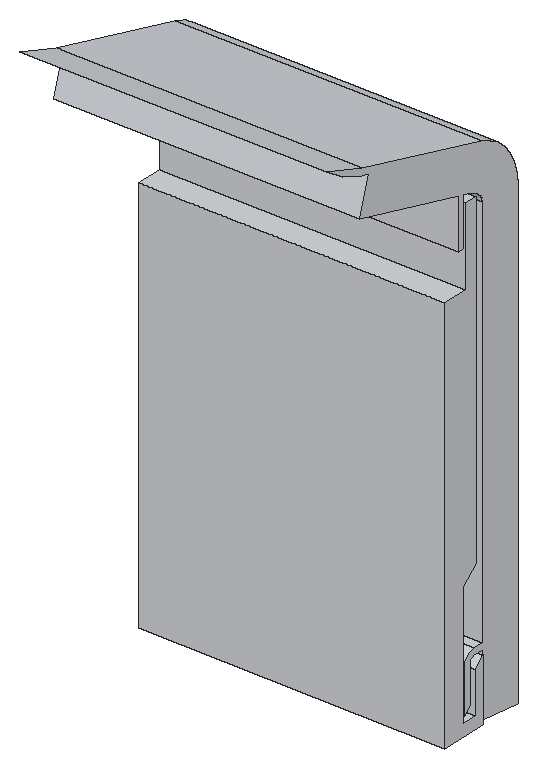
Revit family "HansWeitzel_2088", category Allgemeines Modell, Revit 2017
Family settings
  Basisbauteil = Wand
  Kann Basisbauteil für Bewehrung sein = Nein
  Bemaßung runder Anschluss = Durchmesser verwenden
  Teiletyp = Normal
  Immer vertikal = Ja
  Beim Laden mit Abzugskörper schneiden = Nein
  Gemeinsam genutzt = Nein
  Raumberechnungspunkt = Nein
Parameters (values of type "Type 1")
  max. Betriebstemperatur (°C) = 90
  Werkstoff = "Acryl"
  Wandmontage möglich = yes
  Typname = "HZ-Stoßverbinder SLF Weiß"
  Tiefe (mm) = 30
  Profilart = "Anschlussprofi"
  Menge pro Verpackungseinheit = 10
  Length3 = 50 mm
  Length2 = 50 mm
  Length1 = 50 mm
  Ist Zubehör = no
  Ist System = no
  Höhe [mm] = 97
  Hersteller = "Hans Weitzel GmbH & Co. KG"
  HeinzeBIM = "https://www.heinze.de/bim/hz-stossverbinder-slf-weiss/6032d2f231a517cbe42a8091354c7285c1abf750"
  HAN = "2088"
  Gewicht unverpackt (netto) [kg] = 0.008
  GTIN = "4022023220513"
  Farbton = "weiß"
  Dekor = "Weiß"
  Breite [mm] = 45
  Beschreibung = "HZ-Stoßverbinder SLF Weiß f. HZ-Sockelleiste SLF /Plus m. SCH2158"
  BIMSITE_PRODUCT_ID = "6032d2f231a517cbe42a8091354c7285c1abf750"
  BIM = "https://media.live.bim.site/t/eyJhbGciOiJIUzI1NiIsInR5cCI6IkpXVCJ9.eyJjdCI6MSwidGYiOiJwdWJsaWMvaGFucy13ZWl0emVsLWdtYmgtY28ta2cvMjI1MGEyZS9IWl9TTEZfU3Rvc3N2ZXJiaW5kZXIucmZhIiwiY2lkIjoiZmVkOThlOWEtMWJkOC00YzY4LWE3M2ItNzRhOTRlMzE1ODIzIiwicmlkIjoiZDZiM2RlMmQwYmMwNmJkYmY0MjRlOWMxN2ZmYTNjMjMiLCJwaWQiOiI2MDMyZDJmMjMxYTUxN2NiZTQyYTgwOTEzNTRjNzI4NWMxYWJmNzUwIiwic2lkIjoiNjM1NTgiLCJ1dCI6NSwibGMiOiJkZSIsImlhdCI6MTU4MDEyMzMyMSwiaXNzIjoiaHR0cHM6Ly9hcGkubGl2ZS5iaW0uc2l0ZSIsInN1YiI6ImY1ODZjNGI2LWE1MDgtNDI3YS05ODE4LTEzMTc5NjY1NzZiYyJ9.5IlSIVvUqgott2_Y7i_SYOw-l69BSQmyW8sRsiaCSoc/HZ_SLF_Stossverbinder.rfa"
Reference planes
  plane 1 "Wall": y = 0
  plane 2 "Center (Left/Right)": x = 125
  plane 3 "Back": y = 75
Text (mm)
  text "Placement side" at (0, 1409.804, 2854.306), in view "Left"
  text "Placement side" at (0, 499.811, 2980.732), in view "Right"
Dimensions and locks
  locked: plane 3 "Back" to host wall
  aligned and locked: plane 1 "Wall" to host wall
  aligned and locked: nested 1 to plane 3 "Back"
  aligned and locked: nested 2 to plane 3 "Back"
  aligned and locked: nested 2 to plane 2 "Center (Left/Right)"
  aligned and locked: nested 1 to plane 2 "Center (Left/Right)"
Nested families
  nested 1: "HZ_SLF_Part2" at (125, 75, 0) x (-1, 0, 0) z (0, 0, 1), type "HZ_SLF_Part2"
    with Length2 50 mm
  nested 2: "HZ_SLF_Profil" at (125, 75, 0) x (-1, 0, 0) z (0, 0, 1), type "HZ_SLF_Profil"
Definition of nested family "HZ_SLF_Part2"
  Parameters
    Length2 = 400 mm
  Reference planes
    plane 1 "Center (Front/Back)": y = 0
    plane 2: z = 0
    plane 3 "Center (Left/Right)": x = 0
    plane 4: z = 78
  Forms (mm)
    Extrusion 1, solid, detail levels fine
      sketch origin (0, 0, 0) x (0, 1, 0) y (0, 0, 1)
        loop
          line (-28, 65.25) -> (-28, 78) -> (-30, 78) -> (-30, 24.25) -> (-27.5, 22) -> (-27.5, 2) -> (-30, 2) -> (-30, 8.75) -> (-31.5, 10.25) -> (-31.5, 0) -> (-23.75, 0) -> (-23.75, 65.25) -> (-28, 65.25)
      from -200 to 200
    Extrusion 2, solid, detail levels medium
      sketch origin (0, 0, 0) x (0, 1, 0) y (0, 0, 1)
        loop
          line (-28, 65.25) -> (-28, 78) -> (-30, 78) -> (-30, 22) -> (-27.5, 22) -> (-27.5, 2) -> (-30, 2) -> (-30, 8.75) -> (-31.5, 8.75) -> (-31.5, 0) -> (-23.75, 0) -> (-23.75, 65.25) -> (-28, 65.25)
      from -200 to 200
    Extrusion 3, solid, detail levels coarse
      sketch origin (0, 0, 0) x (0, 1, 0) y (0, 0, 1)
        loop
          line (-31.5, 78) -> (-31.5, 0) -> (-23.75, 0) -> (-23.75, 78) -> (-31.5, 78)
      from -200 to 200
  Dimensions and locks
    equal spacing: Extrusion 1, plane 3 "Center (Left/Right)", Extrusion 1
    "Length2": Extrusion 1 to Extrusion 1
    aligned and locked: level to plane 2
    aligned and locked: Extrusion 3 to Extrusion 1  (x2)
    aligned and locked: Extrusion 2 to Extrusion 3  (x2)
  Automatic sketch dimensions
    Extrusion 1 sketch curve to level = 0 mm
    level to Extrusion 1 sketch curve = 10.25 mm
    plane 1 "Center (Front/Back)" to Extrusion 1 sketch curve = 31.5 mm
    Extrusion 1 sketch curve to Extrusion 1 sketch curve = 1.5 mm  (x2)
    level to Extrusion 1 sketch curve = 8.75 mm
    Extrusion 1 sketch curve to Extrusion 1 sketch curve = 2 mm
    Extrusion 1 sketch curve to Extrusion 1 sketch curve = 2.5 mm
    Extrusion 1 sketch curve to Extrusion 1 sketch curve = 4.25 mm
    level to Extrusion 1 sketch curve = 2 mm
    Extrusion 1 sketch curve to Extrusion 1 sketch curve = 11.75 mm
    Extrusion 1 sketch curve to Extrusion 1 sketch curve = 2.25 mm
    Extrusion 1 sketch curve to Extrusion 1 sketch curve = 41 mm
    Extrusion 1 sketch curve to Extrusion 1 sketch curve = 12.75 mm
    Extrusion 2 sketch curve to level = 0 mm
    plane 1 "Center (Front/Back)" to Extrusion 2 sketch curve = 31.5 mm
    Extrusion 2 sketch curve to Extrusion 2 sketch curve = 1.5 mm
    Extrusion 2 sketch curve to Extrusion 2 sketch curve = 2 mm
    Extrusion 2 sketch curve to Extrusion 2 sketch curve = 4.25 mm
    level to Extrusion 2 sketch curve = 2 mm
    Extrusion 2 sketch curve to Extrusion 2 sketch curve = 12.75 mm
    Extrusion 2 sketch curve to Extrusion 2 sketch curve = 2.5 mm
    Extrusion 2 sketch curve to Extrusion 2 sketch curve = 43.25 mm
    Extrusion 2 sketch curve to Extrusion 2 sketch curve = 0 mm
    Extrusion 2 sketch curve to Extrusion 2 sketch curve = 6.75 mm
    Extrusion 2 sketch curve to Extrusion 2 sketch curve = 13.25 mm
    Extrusion 3 sketch curve to level = 0 mm
    Extrusion 3 sketch curve to Extrusion 3 sketch curve = 7.75 mm
    plane 1 "Center (Front/Back)" to Extrusion 3 sketch curve = 31.5 mm
    level to Extrusion 3 sketch curve = 78 mm
Definition of nested family "HZ_SLF_Profil"
  Parameters
    Length3 = 50 mm
  Reference planes
    plane 1 "Center (Front/Back)": y = 0
    plane 2: z = 0
    plane 3 "Center (Left/Right)": x = 0
    plane 4: z = 95
  Forms (mm)
    Extrusion 1, solid, detail levels fine
      sketch origin (0, 0, 0) x (0, 1, 0) y (0, 0, 1)
        loop
          line (-38.561, 76.002) -> (-38.561, 0) -> (-31.5, 0.791) -> (-31.5, 11) -> (-29.75, 11)
          arc (-29.75, 11) -> (-29.043, 10.707) -> (-28.75, 10) r 1
          line (-28.75, 10) -> (-28.75, 4) -> (-27.75, 3) -> (-27.75, 10)
          arc (-27.75, 10) -> (-28.336, 11.414) -> (-29.75, 12) r 2
          line (-29.75, 12) -> (-31.5, 12) -> (-31.5, 76.545)
          arc (-31.5, 76.545) -> (-30.751, 77.994) -> (-29.355, 78.837) r 3
          line (-29.355, 78.837) -> (-27.5, 79.347) -> (-27.5, 71.5) -> (-26.5, 71.5) -> (-26.5, 79.621) -> (-6.471, 85.123) -> (-8.262, 90.853) -> (-6.8, 91.255)
          arc (-6.8, 91.255) -> (-2.978, 92.748) -> (0.452, 95) r 19.703
          arc (0.452, 95) -> (-3.246, 93.447) -> (-7.065, 92.219) r 46.507
          line (-7.065, 92.219) -> (-31.209, 85.587)
          arc (-31.209, 85.587) -> (-36.496, 82.03) -> (-38.561, 76.002) r 10
      from -25 to 25
    Extrusion 2, solid, detail levels medium
      sketch origin (0, 0, 0) x (0, 1, 0) y (0, 0, 1)
        loop
          line (-7.065, 92.219) -> (-31.209, 85.587)
          arc (-31.209, 85.587) -> (-36.496, 82.03) -> (-38.561, 76.002) r 10
          line (-38.561, 76.002) -> (-38.561, 0) -> (-31.5, 0.791) -> (-31.5, 11) -> (-28.75, 11) -> (-28.75, 3) -> (-27.75, 3) -> (-27.75, 12) -> (-31.5, 12) -> (-31.5, 76.545)
          arc (-31.5, 76.545) -> (-30.751, 77.994) -> (-29.355, 78.837) r 3
          line (-29.355, 78.837) -> (-27.5, 79.347) -> (-27.5, 71.5) -> (-26.5, 71.5) -> (-26.5, 79.621) -> (-6.471, 85.123) -> (0.452, 95)
          arc (0.452, 95) -> (-3.246, 93.447) -> (-7.065, 92.219) r 46.507
      from -25 to 25
    Extrusion 3, solid, detail levels coarse
      sketch origin (0, 0, 0) x (0, 1, 0) y (0, 0, 1)
        loop
          line (-38.561, 0) -> (0.452, 0) -> (0.452, 95) -> (-38.561, 95) -> (-38.561, 0)
      from -25 to 25
  Dimensions and locks
    equal spacing: Extrusion 3, plane 3 "Center (Left/Right)", Extrusion 3
    "Length3": Extrusion 3 to Extrusion 3
    aligned and locked: level to plane 2
    aligned and locked: Extrusion 1 to Extrusion 3
    aligned and locked: Extrusion 2 to Extrusion 3
    aligned and locked: Extrusion 3 to Extrusion 1
    aligned and locked: Extrusion 3 to Extrusion 2
  Automatic sketch dimensions
    plane 1 "Center (Front/Back)" to Extrusion 3 sketch curve = 38.561 mm
    Extrusion 3 sketch curve to plane 1 "Center (Front/Back)" = 0.452 mm
    Extrusion 3 sketch curve to level = 0 mm
    level to Extrusion 3 sketch curve = 95 mm
    Extrusion 2 sketch curve to Extrusion 2 sketch curve = 0 mm  (x2)
    Extrusion 2 sketch curve to level = 0 mm
    Extrusion 2 sketch curve to plane 4 = 0 mm
    plane 1 "Center (Front/Back)" to Extrusion 2 sketch curve = 38.561 mm
    level to Extrusion 2 sketch curve = 0.791 mm
    Extrusion 2 sketch curve to Extrusion 2 sketch curve = 7.061 mm  (x2)
    Extrusion 2 sketch curve to plane 4 = 9.413 mm
    Extrusion 2 sketch curve to Extrusion 2 sketch curve = 0.291 mm
    Extrusion 2 sketch curve to plane 4 = 16.163 mm
    Extrusion 2 sketch curve to Extrusion 2 sketch curve = 2.145 mm
    Extrusion 2 sketch curve to Extrusion 2 sketch curve = 2.75 mm
    Extrusion 2 sketch curve to Extrusion 2 sketch curve = 2.939 mm
    Extrusion 2 sketch curve to Extrusion 2 sketch curve = 1 mm  (x3)
    Extrusion 2 sketch curve to Extrusion 2 sketch curve = 1.061 mm
    plane 1 "Center (Front/Back)" to Extrusion 2 sketch curve = 19.383 mm
    plane 1 "Center (Front/Back)" to Extrusion 2 sketch curve = 7.065 mm
    plane 1 "Center (Front/Back)" to Extrusion 2 sketch curve = 6.471 mm
    level to Extrusion 2 sketch curve = 3 mm
    Extrusion 2 sketch curve to Extrusion 2 sketch curve = 8 mm
    Extrusion 2 sketch curve to Extrusion 2 sketch curve = 7.337 mm
    Extrusion 2 sketch curve to Extrusion 2 sketch curve = 2.893 mm
    Extrusion 2 sketch curve to Extrusion 2 sketch curve = 0.51 mm
    Extrusion 2 sketch curve to Extrusion 2 sketch curve = 0.275 mm
    Extrusion 2 sketch curve to plane 4 = 9.877 mm
    Extrusion 2 sketch curve to plane 4 = 2.781 mm
    plane 4 to Extrusion 2 sketch curve = 42.065 mm
    Extrusion 1 sketch curve to Extrusion 1 sketch curve = 0 mm  (x5)
    Extrusion 1 sketch curve to level = 0 mm
    Extrusion 1 sketch curve to plane 4 = 0 mm
    plane 1 "Center (Front/Back)" to Extrusion 1 sketch curve = 38.561 mm
    level to Extrusion 1 sketch curve = 0.791 mm
    Extrusion 1 sketch curve to Extrusion 1 sketch curve = 7.061 mm
    Extrusion 1 sketch curve to plane 4 = 9.413 mm
    Extrusion 1 sketch curve to Extrusion 1 sketch curve = 0.291 mm
    Extrusion 1 sketch curve to Extrusion 1 sketch curve = 1.75 mm
    Extrusion 1 sketch curve to plane 4 = 16.163 mm
    Extrusion 1 sketch curve to Extrusion 1 sketch curve = 2.145 mm
    level to Extrusion 1 sketch curve = 4 mm
    Extrusion 1 sketch curve to Extrusion 1 sketch curve = 2.75 mm
    Extrusion 1 sketch curve to Extrusion 1 sketch curve = 2.939 mm
    Extrusion 1 sketch curve to Extrusion 1 sketch curve = 1 mm  (x3)
    Extrusion 1 sketch curve to Extrusion 1 sketch curve = 1.855 mm
    plane 1 "Center (Front/Back)" to Extrusion 1 sketch curve = 19.383 mm
    plane 1 "Center (Front/Back)" to Extrusion 1 sketch curve = 12.019 mm
    plane 1 "Center (Front/Back)" to Extrusion 1 sketch curve = 8.262 mm
    Extrusion 1 sketch curve to Extrusion 1 sketch curve = 1.197 mm
    Extrusion 1 sketch curve to Extrusion 1 sketch curve = 1.791 mm
    Extrusion 1 sketch curve to Extrusion 1 sketch curve = 6 mm
    Extrusion 1 sketch curve to Extrusion 1 sketch curve = 7.337 mm
    Extrusion 1 sketch curve to Extrusion 1 sketch curve = 2.893 mm
    Extrusion 1 sketch curve to Extrusion 1 sketch curve = 0.51 mm
    Extrusion 1 sketch curve to Extrusion 1 sketch curve = 0.275 mm
    Extrusion 1 sketch curve to plane 4 = 9.877 mm
    Extrusion 1 sketch curve to plane 4 = 4.147 mm
    Extrusion 1 sketch curve to Extrusion 1 sketch curve = 1.366 mm
    plane 4 to Extrusion 1 sketch curve = 15.254 mm
    Extrusion 1 sketch curve to Extrusion 1 sketch curve = 26.811 mm
    Extrusion 1 sketch curve to Extrusion 1 sketch curve = 0.265 mm
